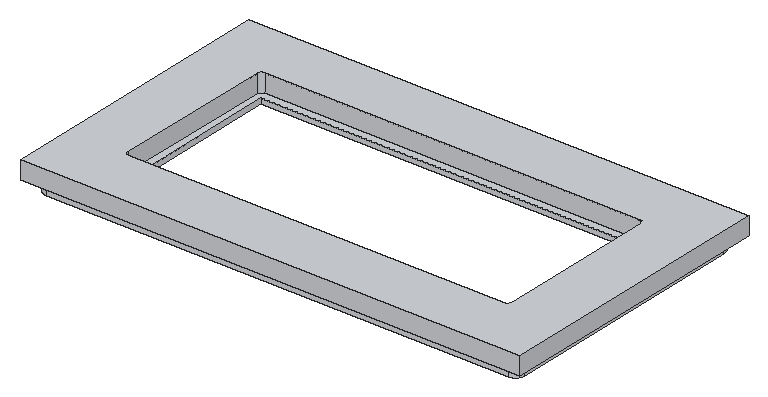
Revit family "Gira_1002223", category Electrical Fixtures, host Face, Revit 2017
Family settings
  Host = Face
  Maintain Annotation Orientation = No
  Round Connector Dimension = Use Diameter
  Part Type = Normal
  Cut with Voids When Loaded = No
  Shared = No
  Room Calculation Point = No
Parameters (values of type "Cov.fr. 2-g w/o cb Gira Esprit Lin.pwd.dark brown")
  With mounting grid = "No"
  With hinged lid = "No"
  URL = "http://katalog.gira.de/en/datenblatt.html?artikelnr=1002223"
  Type of fastening = "Clamp mounting"
  Transparent = "No"
  Surface protection = "Other"
  Suitable for wall duct = "No"
  Suitable for flush-mounted installation = "Yes"
  Suitable for floor box = "No"
  Suitable for built-in installation = "No"
  Number of units vertical = "2"
  Number of units horizontal = "2"
  Number of units = "2"
  Name = "Cov.fr. 2-g w/o cb Gira Esprit Lin.pwd.dark brown"
  Mounting direction = "Horizontal and vertical"
  Material quality = "Other"
  Material = "Other"
  Manufacturer URL = "https://www.gira.de/"
  Manufacturer = "Gira"
  Label space/information surface = "No"
  Keynote = ""
  HeinzeBIM = "https://bimportal.heinze.de/bim/cov-fr-2-g-w-o-cb-gira-esprit-lin-pwd-dark-brown/cb363df5cabccc5a6181ca88283047d96c9fcc15"
  Halogen free = "No"
  HAN = "1002223"
  GTIN = "4010337015987"
  Description = "Cov.fr.2g w o cb Espr. LPwDb,Gira Esprit cover frame,Linoleum-plywood dark brown,2-gang without crossbar,Notes :,- Natural product. Colour deviations are possible.,- NCS value: approx. NCS S 8005-Y80R"
  Degree of protection (IP) = "IP21"
  Default Elevation = 1219.2 mm
  Data sheet (1) = "https://katalog.gira.de/en/download.html?artikelnr=1002223"
  Colour = "Other"
  Category = "Cover frame for domestic switching devices"
  BIM (1) = "https://media.stage.bim.site/public/gira/36a6b08/Espr._Rahmen_2fach o.Mittelsteg.rfa?public/gira/36a6b08/Espr._Rahmen_2fach o.Mittelsteg.rfa"
  Available = "No"
Reference planes
  plane 1 "Center (Front/Back)": y = 0
  plane 2: z = 0
  plane 3 "Center (Left/Right)": x = 0
Forms (mm)
  Extrusion 1, solid, detail levels fine
    sketch origin (0, 0, 0) x (1, 0, 0) y (0, 1, 0)
      loop
        line (-83, 47.5) -> (-83, -47.5) -> (83, -47.5) -> (83, 47.5) -> (-83, 47.5)
      loop
        arc (-63.75, -26.7) -> (-63.311, -27.761) -> (-62.25, -28.2) r 1.5
        line (-62.25, -28.2) -> (62.25, -28.2)
        arc (62.25, -28.2) -> (63.311, -27.761) -> (63.75, -26.7) r 1.5
        line (63.75, -26.7) -> (63.75, 26.7)
        arc (63.75, 26.7) -> (63.311, 27.761) -> (62.25, 28.2) r 1.5
        line (62.25, 28.2) -> (-62.25, 28.2)
        arc (-62.25, 28.2) -> (-63.311, 27.761) -> (-63.75, 26.7) r 1.5
        line (-63.75, 26.7) -> (-63.75, -26.7)
    from 0 to 6
  Extrusion 2, solid, detail levels fine
    sketch origin (0, 0, 0) x (1, 0, 0) y (0, 1, 0)
      loop
        line (-61.518, -25.7) -> (61.45, -25.7) -> (61.45, 25.7) -> (-61.518, 25.7) -> (-61.518, -25.7)
      loop
        arc (-78.55, -41.3) -> (-78.023, -42.573) -> (-76.75, -43.1) r 1.8
        line (-76.75, -43.1) -> (77.95, -43.1)
        arc (77.95, -43.1) -> (79.223, -42.573) -> (79.75, -41.3) r 1.8
        line (79.75, -41.3) -> (79.75, 41.3)
        arc (79.75, 41.3) -> (79.223, 42.573) -> (77.95, 43.1) r 1.8
        line (77.95, 43.1) -> (-76.75, 43.1)
        arc (-76.75, 43.1) -> (-78.023, 42.573) -> (-78.55, 41.3) r 1.8
        line (-78.55, 41.3) -> (-78.55, -41.3)
    from -1.9 to 0
  Extrusion 3, solid, detail levels fine
    sketch origin (0, 0, 0) x (1, 0, 0) y (0, 1, 0)
      loop
        arc (-76.75, 44.4) -> (-78.871, 43.521) -> (-79.75, 41.4) r 3
        line (-79.75, 41.4) -> (-79.75, -41.4)
        arc (-79.75, -41.4) -> (-78.871, -43.521) -> (-76.75, -44.4) r 3
        line (-76.75, -44.4) -> (76.75, -44.4)
        arc (76.75, -44.4) -> (78.871, -43.521) -> (79.75, -41.4) r 3
        line (79.75, -41.4) -> (79.75, 41.4)
        arc (79.75, 41.4) -> (78.871, 43.521) -> (76.75, 44.4) r 3
        line (76.75, 44.4) -> (-76.75, 44.4)
      loop
        arc (-78.55, -41.4) -> (-78.023, -42.673) -> (-76.75, -43.2) r 1.8
        line (-76.75, -43.2) -> (76.75, -43.2)
        arc (76.75, -43.2) -> (78.023, -42.673) -> (78.55, -41.4) r 1.8
        line (78.55, -41.4) -> (78.55, 41.4)
        arc (78.55, 41.4) -> (78.023, 42.673) -> (76.75, 43.2) r 1.8
        line (76.75, 43.2) -> (-76.75, 43.2)
        arc (-76.75, 43.2) -> (-78.023, 42.673) -> (-78.55, 41.4) r 1.8
        line (-78.55, 41.4) -> (-78.55, -41.4)
    from -3.7 to 0
  Extrusion 4, solid, detail levels medium
    sketch origin (0, 0, 0) x (1, 0, 0) y (0, 1, 0)
      loop
        line (-83, 47.5) -> (-83, -47.5) -> (83, -47.5) -> (83, 47.5) -> (-83, 47.5)
    from 0 to 6
  Extrusion 5, solid, detail levels medium
    sketch origin (0, 0, 0) x (1, 0, 0) y (0, 1, 0)
      loop
        line (-79.75, 44.4) -> (-79.75, -44.4) -> (79.75, -44.4) -> (79.75, 44.4) -> (-79.75, 44.4)
    from -3.7 to 0
  Extrusion 6, solid, detail levels coarse
    sketch origin (0, 0, 0) x (1, 0, 0) y (0, 1, 0)
      loop
        line (-83, 47.5) -> (-83, -47.5) -> (83, -47.5) -> (83, 47.5) -> (-83, 47.5)
    from -3.7 to 6
Dimensions and locks
  aligned and locked: plane 2 to host face
  aligned and locked: level to host face
